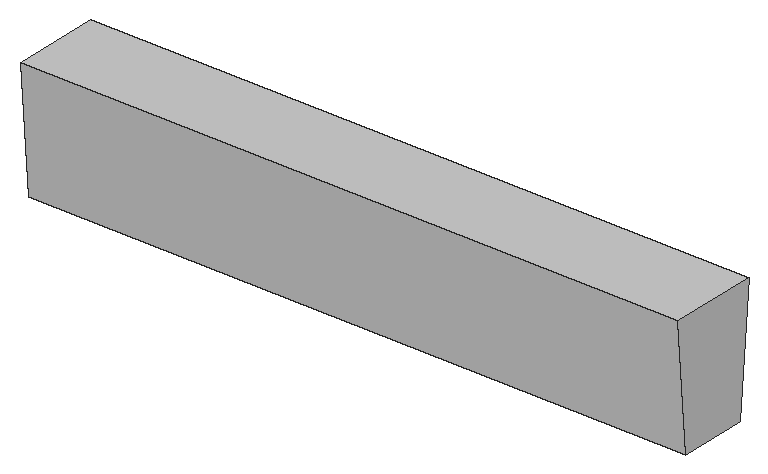
Revit family "48665b4cb5214f35a41b27e18df112ed", category Structural Framing, Revit 2025
Family settings
  Display in Hidden Views = Edges Hidden by Beam Itself
  Structural Framing Length Roundoff = 0 mm
  Section Shape = Not Defined
  Material for Model Behavior = Concrete
  Always export as geometry = No
  OmniClass Number = 23.25.30.11.14.14
  OmniClass Title = Beams
  Seek Item ID = Pan Joist-0000-CAN-ENU
  Always vertical = Yes
  Cut with Voids When Loaded = No
  Symbolic Representation = From Family
  Shared = No
  Show family pre-cut in plan views = Yes
Parameters (values of type "125 x 350")
  Taper Right Dim = if(Taper Right, 1, 0) * (h - Slab Thickness) / 12  # 19.167 mm
  Taper Right = yes
  Taper Left Dim = if(Taper Left, 1, 0) * (h - Slab Thickness) / 12  # 19.167 mm
  Taper Left = yes
  Structural Material [instance] = Concrete, Cast-in-Place gray
  Slab Thickness = 120 mm
  Assembly Code = "B10"
  Length [instance] = 1500 mm
  b = 125 mm
  h = 350 mm
Types (13, lengths in mm): name | Taper Right Dim | Taper Left Dim | b | h
  (no name) | 19.167 | 19.167 | 125 | 350
  125 x 350 | 19.167 | 19.167 | 125 | 350
  150 x 350 | 19.167 | 19.167 | 150 | 350
  150 x 400 | 23.333 | 23.333 | 150 | 400
  150 x 500 | 31.667 | 31.667 | 150 | 500
  150 x 600 | 40 | 40 | 150 | 600
  175 x 350 | 19.167 | 19.167 | 175 | 350
  175 x 400 | 23.333 | 23.333 | 175 | 400
  175 x 500 | 31.667 | 31.667 | 175 | 500
  175 x 600 | 40 | 40 | 175 | 600
  200 x 400 | 23.333 | 23.333 | 200 | 400
  200 x 500 | 31.667 | 31.667 | 200 | 500
  200 x 600 | 40 | 40 | 200 | 600
Reference planes
  plane 1 "Center (Front/Back)": y = 0
  plane 2: z = 0
  plane 3 "Center (Left/Right)": x = 4.61
  plane 4 "Member Left": x = -604.99
  plane 5 "Member Right": x = 614.21
  plane 6: y = 62.5
  plane 7: y = -62.5
  plane 8 "Top Of Slab": z = 175
  plane 9 "Bottom": z = -175
  plane 10 "Left": x = -757.39
  plane 11 "Right": x = 742.61
  plane 12: y = -81.667
  plane 13: y = 81.667
  plane 14 "Top Of Joist": z = 55
Forms (mm)
  Sweep 1, solid, material "Concrete, Cast-in-Place gray" <- "Structural Material"
    path origin (0, 0, 0) x (1, 0, 0) y (0, 1, 0)
      loop
        line (614.21, 0) -> (-604.99, 0)
    profile origin (4.61, 0, 0) x (0, -1, 0) y (0, 0, 1)
      loop
        line (-81.667, 55) -> (-62.5, -175) -> (62.5, -175) -> (81.667, 55) -> (-81.667, 55)
Dimensions and locks
  "b": plane 6 to plane 7
  equal spacing: plane 9 "Bottom", plane 2, plane 8 "Top Of Slab"
  equal spacing: plane 6, plane 1 "Center (Front/Back)", plane 7
  "h": plane 9 "Bottom" to plane 8 "Top Of Slab"
  "Length": plane 10 "Left" to plane 11 "Right"
  "Taper Right Dim": plane 7 to plane 12
  "Taper Left Dim": plane 13 to plane 6
  "Slab Thickness": plane 8 "Top Of Slab" to plane 14 "Top Of Joist"
  locked: level to plane 2
  aligned and locked: Sweep 1 sketch curve to plane 1 "Center (Front/Back)"
  aligned and locked: plane 4 "Member Left" to Sweep 1 sketch curve
  aligned and locked: plane 5 "Member Right" to Sweep 1 sketch curve
  aligned and locked: Sweep 1 sketch curve to plane 14 "Top Of Joist"
  aligned and locked: Sweep 1 sketch curve to plane 9 "Bottom"
  aligned and locked: plane 12 to Sweep 1 sketch curve
  aligned and locked: plane 7 to Sweep 1 sketch curve
  aligned and locked: plane 6 to Sweep 1 sketch curve
  aligned and locked: plane 13 to Sweep 1 sketch curve
  aligned and locked: plane 14 "Top Of Joist" to Sweep 1
  aligned and locked: plane 9 "Bottom" to Sweep 1
